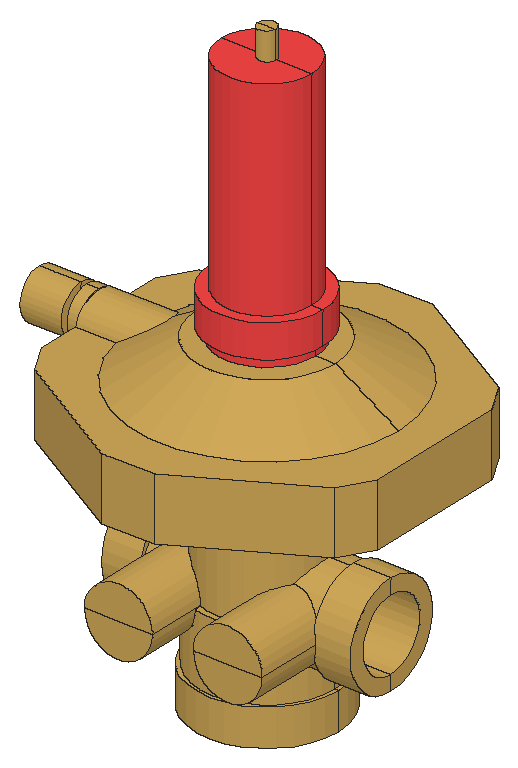
Revit family "Differential Pressure Control Valve 4202 45-80kPa", category Rohrzubehör, Revit 2018
Family settings
  Bemaßung runder Anschluss = Durchmesser verwenden
  Teiletyp = Unterbricht
  OmniClass-Nummer = 23.65.55.14
  OmniClass-Titel = Valves for Liquid Services
  Arbeitsebenenbasiert = Nein
  Immer vertikal = Ja
  Beim Laden mit Abzugskörper schneiden = Nein
  Gemeinsam genutzt = Nein
Parameters (values of type "without insulation")
  y2 [instance] = K14 + K9 + H01  # 49.149 mm
  y1 [instance] = (R03 * 2) + R05  # 66.000 mm
  Model = "The differential pressure controller is a straight-version linear controller and works without auxiliary power. The\r\nnominal differential pressure can be continuously adjusted from 450 to 800 mbar.\r\nThe value for the setting can be read from the diagram. The nominal set point is factory preset to a minimum. If\r\nnecessary, the nominal set point can be adjusted using the pre-setting key (1 4002 01). A capillary tube (1000 mm) is\r\nincluded and should be connected to the circuit regulating valve in the supply line."
  Min. operating temperature (anti freeze) = -20 °C  # constant formula
  Max. operating temperature up to DN32 = 130 °C  # constant formula
  Max. operating temperature from DN40 = 110 °C  # constant formula
  Max. operating pressure on the body = 400000.0 Pa  # constant formula
  Max. operating pressure = 2500000.0 Pa  # constant formula
  Valve shaft = "stainless steel 14301"  # constant formula
  URL = "www.herzvalves.com"
  SCRNSEQ = "ARM;ARM_TYP=\"DIFR\";2"
  SCRNCODE = "05;03;4"  # constant formula
  S06 [instance] = 1.000 mm  # constant formula
  S05 [instance] = S01 - 1.000 mm  # 16.250 mm
  S04 [instance] = S02 - 1.000 mm  # 18.000 mm
  S03 [instance] = size_lookup("4202 45-80kPa", "S03", 26.500 mm, Nennweite)  # 25.600 mm
  S02 [instance] = size_lookup("4202 45-80kPa", "S02", 19.000 mm, Nennweite)  # 19.000 mm
  S01 [instance] = size_lookup("4202 45-80kPa", "S01", 17.250 mm, Nennweite)  # 17.250 mm
  Regulator connection nut = "brass CW614N"  # constant formula
  Control range = "45 - 80kPa"  # constant formula
  R06 [instance] = size_lookup("4202 45-80kPa", "R06", 14.500 mm, Nennweite)  # 14.500 mm
  R05 [instance] = size_lookup("4202 45-80kPa", "R05", 46.000 mm, Nennweite)  # 46.000 mm
  R04 [instance] = size_lookup("4202 45-80kPa", "R04", 12.500 mm, Nennweite)  # 12.500 mm
  R03 [instance] = size_lookup("4202 45-80kPa", "R03", 10.000 mm, Nennweite)  # 10.000 mm
  R02 = 14.500 mm  # constant formula
  R01 [instance] = size_lookup("4202 45-80kPa", "R01", 12.500 mm, Nennweite)  # 12.500 mm
  Min. operating temperature (pure water) = 2 °C  # constant formula
  O-Rings = "EPDM"  # constant formula
  Nennweite [instance] = 15.000 mm
  Membrane body = "brass CW602N"  # constant formula
  Membrane = "EPDM"  # constant formula
  Medium = "Water purity in accordance with the ÖNORM H 5195 and VDI 2035 standards\r\nEthylene and propylene glycol can be mixed to a ratio of 25 - 50 vol. [%]"
  L2 [instance] = size_lookup("4202 45-80kPa", "L2", 161.000 mm, Nennweite)  # 161.000 mm
  L [instance] = size_lookup("4202 45-80kPa", "L", 66.000 mm, Nennweite)  # 66.000 mm
  K9 = 4.000 mm  # constant formula
  K8 = 55.000 mm  # constant formula
  K7 = 8.700 mm  # constant formula
  K6 = 11.700 mm  # constant formula
  K5 = 13.000 mm  # constant formula
  K4 = 12.000 mm  # constant formula
  K3 = 15.000 mm  # constant formula
  K2 = 2.350 mm  # constant formula
  K18 = 89.000 mm  # constant formula
  K17 = 66.700 mm  # constant formula
  K16 = 3.000 mm  # constant formula
  K15 = 26.649 mm  # constant formula
  K14 = 16.649 mm  # constant formula
  K13 = 16.649 mm  # constant formula
  K12 = 10.000 mm  # constant formula
  K11 = 35.000 mm  # constant formula
  K10 = 18.250 mm  # constant formula
  K1.1 = 2.350 mm  # constant formula
  K1 = 7.651 mm  # constant formula
  J9 = 15.700 mm  # constant formula
  J8 = 7.850 mm  # constant formula
  J7 = 15.897 mm  # constant formula
  J6 = 3.900 mm  # constant formula
  J5 = 6.500 mm  # constant formula
  J4 = 1.500 mm  # constant formula
  J3 = 3.200 mm  # constant formula
  J2 = 11.000 mm  # constant formula
  J11 = 3.500 mm  # constant formula
  J10 = 18.897 mm  # constant formula
  J1 = 6.500 mm  # constant formula
  Hersteller = "HERZ-Armaturen Ges.m.b.H"  # constant formula
  H2 [instance] = size_lookup("4202 45-80kPa", "H2", 28.000 mm, Nennweite)  # 28.000 mm
  H1 [instance] = K1 + K2 + K3 + K4 + K5 + K7 + K8 + K16 + 16.650 mm  # 133.351 mm
  H04 = 4.000 mm  # constant formula
  H03 = 9.800 mm  # constant formula
  H02 [instance] = size_lookup("4202 45-80kPa", "H02", 53.000 mm, Nennweite)  # 53.000 mm
  H01 [instance] = size_lookup("4202 45-80kPa", "H01", 25.000 mm, Nennweite)  # 28.500 mm
  Body = "DZR brass CC770S"  # constant formula
  G03 [instance] = size_lookup("4202 45-80kPa", "G03", 13.200 mm, Nennweite)  # 13.200 mm
  G02 [instance] = size_lookup("4202 45-80kPa", "G02", 9.500 mm, Nennweite)  # 9.500 mm
  G01 [instance] = size_lookup("4202 45-80kPa", "G01", 13.500 mm, Nennweite)  # 13.500 mm
  Adjusting spindle = "brass CW614N"  # constant formula
  Materials = "EPDM gaskets can be affected by Mineral oils lubricants and thus lead to failure of the EPDM seals. Please refer\r\nto manufacturers documentation when using ethylene glycol products for frost and corrosion protection"
  Dämmung = no
  Insulation shell = "EPP (expanded polypropylen)"  # constant formula
  Compression spring = "spring steel 14310 NS"  # constant formula
  DN50 [instance] = Nennweite = 50.000 mm  # no
  DN40 [instance] = Nennweite = 40.000 mm  # no
  DN32-40 [instance] = or(Nennweite = 32.000 mm, Nennweite = 40.000 mm)  # no
  DN32 [instance] = Nennweite = 32.000 mm  # no
  DN25,32,40 [instance] = or(Nennweite = 25.000 mm, Nennweite = 32.000 mm, Nennweite = 40.000 mm)  # no
  DN25 [instance] = Nennweite = 25.000 mm  # no
  DN20 [instance] = Nennweite = 20.000 mm  # no
  DN15-25 [instance] = or(Nennweite = 15.000 mm, Nennweite = 20.000 mm, Nennweite = 25.000 mm)  # yes
  DN15,20,50 [instance] = or(Nennweite = 15.000 mm, Nennweite = 20.000 mm, Nennweite = 50.000 mm)  # yes
  DN15 [instance] = Nennweite = 15.000 mm  # yes
  D07 [instance] = if(Nennweite = 15.000 mm, 32.500 mm, if(Nennweite = 20.000 mm, 33.500 mm, if(Nennweite = 25.000 mm, 33.500 mm, if(Nennweite = 32.000 mm, 49.500 mm, if(Nennweite = 40.000 mm, 59.500 mm, if(Nennweite = 50.000 mm, 59.500 mm, 0.000 mm))))))  # 32.500 mm
  D06 [instance] = if(Nennweite = 15.000 mm, 32.500 mm, if(Nennweite = 20.000 mm, 33.500 mm, if(Nennweite = 25.000 mm, 33.500 mm, if(Nennweite = 32.000 mm, 49.500 mm, if(Nennweite = 40.000 mm, 59.500 mm, if(Nennweite = 50.000 mm, 59.500 mm, 0.000 mm))))))  # 32.500 mm
  D05 [instance] = if(Nennweite = 15.000 mm, 36.750 mm, if(Nennweite = 20.000 mm, 40.700 mm, if(Nennweite = 25.000 mm, 49.200 mm, if(Nennweite = 32.000 mm, 54.150 mm, if(Nennweite = 40.000 mm, 60.750 mm, if(Nennweite = 50.000 mm, 72.700 mm, 0.000 mm))))))  # 36.750 mm
  D04 [instance] = if(Nennweite = 15.000 mm, 78.500 mm, if(Nennweite = 20.000 mm, 82.000 mm, if(Nennweite = 25.000 mm, 84.000 mm, if(Nennweite = 32.000 mm, 120.000 mm, if(Nennweite = 40.000 mm, 130.000 mm, if(Nennweite = 50.000 mm, 130.500 mm, 0.000 mm))))))  # 78.500 mm
  D03 [instance] = if(Nennweite = 15.000 mm, 96.000 mm, if(Nennweite = 20.000 mm, 110.000 mm, if(Nennweite = 25.000 mm, 112.000 mm, if(Nennweite = 32.000 mm, 152.000 mm, if(Nennweite = 40.000 mm, 170.000 mm, if(Nennweite = 50.000 mm, 179.000 mm, 0.000 mm))))))  # 96.000 mm
  D02 [instance] = size_lookup("4202 45-80kPa", "R05", 41.000 mm, Nennweite)  # 46.000 mm
  D01 [instance] = size_lookup("4202 45-80kPa", "G01", 13.220 mm, Nennweite)  # 13.500 mm
  Bestellnummer Dämmung [instance] = if(and(Dämmung, Nennweite = 15.000 mm), 1409611, if(and(Dämmung, Nennweite = 20.000 mm), 1409612, if(and(Dämmung, Nennweite = 25.000 mm), 1409613, if(and(Dämmung, Nennweite = 32.000 mm), 1409614, if(and(Dämmung, Nennweite = 40.000 mm), 1409615, if(and(Dämmung, Nennweite = 50.000 mm), 1409616, 0))))))  # 0
  Bestellnummer [instance] = if(Nennweite = 15.000 mm, 1420271, if(Nennweite = 20.000 mm, 1420272, if(Nennweite = 25.000 mm, 1420273, if(Nennweite = 32.000 mm, 1420274, if(Nennweite = 40.000 mm, 1420275, if(Nennweite = 50.000 mm, 1420276, 0))))))  # 1420271
  B2 [instance] = size_lookup("4202 45-80kPa", "B2", 31.000 mm, Nennweite)  # 31.000 mm
  B1 [instance] = size_lookup("4202 45-80kPa", "B1", 26.000 mm, Nennweite)  # 26.000 mm
  B04 = 100.649 mm  # constant formula
  B03 = 44.500 mm  # constant formula
  B02 = 104.688 mm  # constant formula
  B01 = 10.000 mm  # constant formula
  Indicator sleeve = "plastic (red)"  # constant formula
  Application = "Differential pressure controllers are used to stabilize the differential pressure in heating and cooling circuits and ensure the\r\nindependence of the loads from dynamic pressure fluctuations in the system."
  Connection nipple = "brass CW602N"  # constant formula
Types (3, lengths in mm): name | Medium | Materials | Dämmung | Bestellnummer Dämmung
  (no name) | "Water purity in accordance with the ÖNORM H 5195 and VDI 2035 standards\r\nEthylene and propylene glycol can be mixed to a ratio of 25 - 50 vol. [%]" | "EPDM gaskets can be affected by Mineral oils lubricants and thus lead to failure of the EPDM seals. Please refer\r\nto manufacturers documentation when using ethylene glycol products for frost and corrosion protection" | no | 0
  with insulation | "Water purity in accordance with the ÖNORM H 5195 and VDI 2035 standards.\r\nEthylene and propylene glycol can be mixed to a ratio of 25 - 50 vol. [%]" | "EPDM gaskets can be affected by mineral oil lubricants and thus lead to failure of the EPDM seals. Please refer\r\nto manufacturers documentation when using ethylene glycol products for frost and corrosion protection." | yes | 1409611
  without insulation | "Water purity in accordance with the ÖNORM H 5195 and VDI 2035 standards\r\nEthylene and propylene glycol can be mixed to a ratio of 25 - 50 vol. [%]" | "EPDM gaskets can be affected by Mineral oils lubricants and thus lead to failure of the EPDM seals. Please refer\r\nto manufacturers documentation when using ethylene glycol products for frost and corrosion protection" | no | 0
Reference planes
  plane 1 "Mitte (Vorne/hinten)": y = 0
  plane 2: z = 0
  plane 3 "Mitte (Links/rechts)": x = 0
Forms (mm)
  Revolve 1, solid, material "Messing, weicher Gelbton, geschweißt", detail levels fine
    sketch origin (0, 0, 0) x (1, 0, 0) y (0, 0, 1)
      loop
        line (-19.8, 0) -> (19.8, 0) -> (19.8, 9.5) -> (33, 9.5) -> (33, 13.5) -> (23, 13.5) -> (23, 12.5) -> (-23, 12.5) -> (-23, 13.5) -> (-33, 13.5) -> (-33, 9.5) -> (-19.8, 9.5) -> (-19.8, 0)
      axis (-33, 0) -> (33, 0)
    angle from 0 to 360
  Revolve 2, solid, material "Messing, weicher Gelbton, geschweißt", detail levels fine
    sketch origin (0, 0, 0) x (1, 0, 0) y (0, 0, 1)
      loop
        line (0, -28) -> (0, 0) -> (-18, 0) -> (-18, -18.2) -> (-19, -18.2) -> (-19, -28) -> (0, -28)
      axis (0, 0) -> (0, -28)
    angle from 0 to 360
  Extrusion 3, solid, material "Messing, weicher Gelbton, geschweißt", detail levels fine
    sketch origin (0, 0, 0) x (0, -1, 0) y (1, 0, 0)
      loop
        line (-46, -7.038) -> (-27.114, -39.75) -> (-18.886, -44.5) -> (18.886, -44.5) -> (27.114, -39.75) -> (46, -7.038) -> (46, 7.038) -> (27.114, 39.75) -> (18.886, 44.5) -> (-18.886, 44.5) -> (-27.114, 39.75) -> (-46, 7.038) -> (-46, -7.038)
    from 32.5 to 49.149
  Revolve 4, solid, material "Messing, weicher Gelbton, geschweißt", detail levels fine
    sketch origin (0, 0, -7.051) x (1, 0, 0) y (0, 0, 1)
      loop
        line (0, 56.2) -> (0, 66.2) -> (-18.25, 66.2) -> (-35, 56.2) -> (0, 56.2)
      axis (0, 66.2) -> (0, 56.2)
    angle from 0 to 360
  Revolve 5, solid, material "Messing, weicher Gelbton, geschweißt", visible <- "DN15-25", detail levels fine
    sketch origin (-11, 0, 0) x (1, 0, 0) y (0, 1, 0)
      loop
        line (-1.5, 26) -> (-9.2, 26) -> (-9.2, 0) -> (-1.5, 0) -> (-1.5, 26)
      axis (-1.5, 0) -> (-1.5, 26)
    angle from 0 to 360
  Revolve 6, solid, material "Messing, weicher Gelbton, geschweißt", visible <- "DN15,20,50", detail levels fine
    sketch origin (-0.988, 0, -6.853) x (-1, 0, 0) y (0, 0, 1)
      loop
        line (43.5, 55.25) -> (59.2, 55.25) -> (59.2, 61.75) -> (48.2, 61.75) -> (48.2, 59.15) -> (46.7, 59.15) -> (46.7, 61.75) -> (43.5, 61.75) -> (43.5, 55.25)
      axis (43.5, 55.25) -> (59.2, 55.25)
    angle from 0 to 360
  Extrusion 7, solid, material "Messing, weicher Gelbton, geschweißt", visible <- "DN15,20,50", detail levels fine
    sketch origin (0, 0, 0) x (0, 1, 0) y (0, 0, -1)
      loop
        line (7.85, -47.047) -> (7.85, -36) -> (-7.85, -36) -> (-7.85, -47.047)
        arc (-7.85, -47.047) -> (0, -54.897) -> (7.85, -47.047) r 7.85
    from 0 to 44.5
  Revolve 8, solid, material "Kunsstoff rot", detail levels fine
    sketch origin (0, 0, 0) x (1, 0, 0) y (0, 0, 1)
      loop
        line (-12, 125.849) -> (-12, 70.849) -> (-15, 70.849) -> (-15, 62.149) -> (-13, 62.149) -> (-13, 59.149) -> (0, 59.149) -> (0, 125.849) -> (-12, 125.849)
      axis (0, 125.849) -> (0, 59.149)
    angle from 0 to 360
  Revolve 9, solid, material "Messing, weicher Gelbton, geschweißt", visible <- "DN15-25", detail levels fine
    sketch origin (-2, 0, 0) x (1, 0, 0) y (0, 1, 0)
      loop
        line (-12.5, 0) -> (-21.5, 0) -> (-21.5, -31) -> (-12.5, -31) -> (-12.5, 0)
      axis (-12.5, 0) -> (-12.5, -31)
    angle from 0 to 360
  Revolve 10, solid, material "Messing, weicher Gelbton, geschweißt", visible <- "DN15-25", detail levels fine
    sketch origin (2, 0, 0) x (1, 0, 0) y (0, 1, 0)
      loop
        line (12.5, 0) -> (12.5, -31) -> (21.6, -31) -> (21.6, 0) -> (12.5, 0)
      axis (12.5, 0) -> (12.5, -31)
    angle from 0 to 360
  Extrusion 11, solid, material "Messing, weicher Gelbton, geschweißt", visible <- "DN32", detail levels fine
    sketch origin (-31.5, 0, 0) x (1, 0, 0) y (0, 1, 0)
      loop
        circle (63, 0) r 6.578
      loop
        circle (63, 0) r 3.28
    from -47 to 0
  Extrusion 12, solid, material "Messing, weicher Gelbton, geschweißt", visible <- "DN32", detail levels fine
    sketch origin (31.5, 0, 0) x (-1, 0, 0) y (0, -1, 0)
      loop
        circle (63, 0) r 6.578
      loop
        circle (63, 0) r 3.28
    from -47 to 0
  Revolve 13, solid, material "Messing, weicher Gelbton, geschweißt", detail levels fine
    sketch origin (0, 0, 0) x (1, 0, 0) y (0, 0, 1)
      loop
        line (-16.25, 0) -> (0, 0) -> (0, 32.5) -> (-12.25, 32.5) -> (-12.25, 28.5) -> (-17.25, 28.5) -> (-17.25, 18.7) -> (-16.25, 18.7) -> (-16.25, 0)
      axis (0, 32.5) -> (0, 0)
    angle from 0 to 360
  Extrusion 14, solid, material "Messing, weicher Gelbton, geschweißt", visible <- "DN40", detail levels fine
    sketch origin (29.382, 0, 0) x (-1, 0, 0) y (0, -1, 0)
      loop
        circle (63, 0) r 6.578
      loop
        circle (63, 0) r 3.28
    from -58 to 0
  Extrusion 15, solid, material "Messing, weicher Gelbton, geschweißt", visible <- "DN40", detail levels fine
    sketch origin (-29.455, 0, 0) x (1, 0, 0) y (0, 1, 0)
      loop
        circle (63, 0) r 6.578
      loop
        circle (63, 0) r 3.28
    from -58 to 0
  Extrusion 16, solid, material "Messing, weicher Gelbton, geschweißt", visible <- "DN50", detail levels fine
    sketch origin (28.422, 0, 0) x (-1, 0, 0) y (0, -1, 0)
      loop
        circle (63, 0) r 6.578
      loop
        circle (63, 0) r 3.28
    from -58 to 0
  Extrusion 17, solid, material "Messing, weicher Gelbton, geschweißt", visible <- "DN50", detail levels fine
    sketch origin (-28.422, 0, 0) x (1, 0, 0) y (0, 1, 0)
      loop
        circle (63, 0) r 6.578
      loop
        circle (63, 0) r 3.28
    from -58 to 0
  Revolve 18, solid, material "Messing, weicher Gelbton, geschweißt", detail levels fine
    sketch origin (0, 0, 0) x (1, 0, 0) y (0, 0, 1)
      loop
        line (-2.35, 125.349) -> (0, 125.349) -> (0, 133) -> (-2.35, 133) -> (-2.35, 125.349)
      axis (0, 133) -> (0, 125.349)
    angle from 0 to 360
  Revolve 19, solid, material "Messing, weicher Gelbton, geschweißt", visible <- "DN32-40", detail levels fine
    sketch origin (-11, 0, 0) x (1, 0, 0) y (0, 1, 0)
      loop
        line (-1.5, -26) -> (-1.5, 0) -> (-9.2, 0) -> (-9.2, -26) -> (-1.5, -26)
      axis (-1.5, 0) -> (-1.5, -26)
    angle from 0 to 360
  Revolve 20, solid, material "Messing, weicher Gelbton, geschweißt", visible <- "DN25,32,40", detail levels fine
    sketch origin (0.988, 0, 20.147) x (1, 0, 0) y (0, 0, 1)
      loop
        line (43.5, 28.25) -> (59.2, 28.25) -> (59.2, 34.75) -> (48.2, 34.75) -> (48.2, 32.15) -> (46.7, 32.15) -> (46.7, 34.75) -> (43.5, 34.75) -> (43.5, 28.25)
      axis (43.5, 28.25) -> (59.2, 28.25)
    angle from 0 to 360
  Extrusion 21, solid, material "Messing, weicher Gelbton, geschweißt", visible <- "DN25", detail levels fine
    sketch origin (0, 0, 0) x (0, 1, 0) y (0, 0, 1)
      loop
        arc (7.85, 48.047) -> (0, 55.897) -> (-7.85, 48.047) r 7.85
        line (-7.85, 48.047) -> (-7.85, 37) -> (7.85, 37) -> (7.85, 48.047)
    from 0 to 44.5
  Extrusion 22, solid, material "Messing, weicher Gelbton, geschweißt", visible <- "DN32", detail levels fine
    sketch origin (0, 0, 0) x (0, 1, 0) y (0, 0, 1)
      loop
        arc (7.85, 64.047) -> (0, 71.897) -> (-7.85, 64.047) r 7.85
        line (-7.85, 64.047) -> (-7.85, 53) -> (7.85, 53) -> (7.85, 64.047)
    from 0 to 44.5
  Extrusion 23, solid, material "Messing, weicher Gelbton, geschweißt", visible <- "DN40", detail levels fine
    sketch origin (0, 0, 0) x (0, 1, 0) y (0, 0, 1)
      loop
        arc (7.85, 74.047) -> (0, 81.897) -> (-7.85, 74.047) r 7.85
        line (-7.85, 74.047) -> (-7.85, 63) -> (7.85, 63) -> (7.85, 74.047)
    from 0 to 44.5
  Revolve 24, solid, material "Kunststoff-Anthrazit/Schwarz", visible <- "Dämmung"
    sketch origin (0, 0, 0) x (1, 0, 0) y (0, 0, 1)
      loop
        line (0, -46) -> (36.75, -46) -> (36.75, 32.5) -> (0, 32.5) -> (0, -46)
      axis (0, 32.5) -> (0, -46)
    angle from 0 to 360
  Revolve 25, solid, material "Kunststoff-Anthrazit/Schwarz", visible <- "Dämmung"
    sketch origin (0, 0, 0) x (1, 0, 0) y (0, 0, 1)
      loop
        line (48, 32.5) -> (-48, 32.5) -> (-48, 13.5) -> (-23, 13.5) -> (-23, 0) -> (0, 0) -> (23, 0) -> (23, 13.5) -> (48, 13.5) -> (48, 32.5)
      axis (-48, 0) -> (48, 0)
    angle from 0 to 360
Lines and regions (mm)
  model lines, detail levels coarse+medium
    curve 1: line (33, -13.5, 0) -> (33, 13.5, 0)
    curve 2: line (33, 13.5, 0) -> (-33, -13.5, 0)
    curve 3: line (-33, -13.5, 0) -> (-33, 13.5, 0)
    curve 4: line (-33, 13.5, 0) -> (33, -13.5, 0)
    curve 5: spline (-44.5, -40.824, 0) -> (-42.984, -38.67, 0) -> (-38.538, -36.662, 0) -> (-31.466, -34.938, 0) -> (-22.25, -33.615, 0) -> (-11.517, -32.784, 0) -> (0, -32.5, 0) -> (11.517, -32.784, 0) -> (22.25, -33.615, 0) -> (31.466, -34.938, 0) -> (38.538, -36.662, 0) -> (42.984, -38.67, 0) -> (44.5, -40.825, 0) -> (42.984, -42.979, 0) -> (38.538, -44.987, 0) -> (31.466, -46.711, 0) -> (22.25, -48.034, 0) -> (11.517, -48.865, 0) -> (0, -49.149, 0) -> (-11.517, -48.865, 0) -> (-22.25, -48.034, 0) -> (-31.466, -46.711, 0) -> (-38.538, -44.987, 0) -> (-42.984, -42.979, 0) -> (-44.5, -40.824, 0)
    curve 6: line (-33, 0, 13.5) -> (-33, 0, -13.5)
    curve 7: line (-33, 0, -13.5) -> (33, 0, 13.5)
    curve 8: line (33, 0, 13.5) -> (33, 0, -13.5)
    curve 9: line (33, 0, -13.5) -> (-33, 0, 13.5)
    curve 10: line (0, 0, 13.5) -> (0, 0, 32.5)
    curve 11: spline (-44.5, 0, 40.825) -> (-42.984, 0, 42.979) -> (-38.538, 0, 44.987) -> (-31.466, 0, 46.711) -> (-22.25, 0, 48.034) -> (-11.517, 0, 48.865) -> (0, 0, 49.149) -> (11.517, 0, 48.865) -> (22.25, 0, 48.034) -> (31.466, 0, 46.711) -> (38.538, 0, 44.987) -> (42.984, 0, 42.979) -> (44.5, 0, 40.824) -> (42.984, 0, 38.67) -> (38.538, 0, 36.662) -> (31.466, 0, 34.938) -> (22.25, 0, 33.615) -> (11.517, 0, 32.784) -> (0, 0, 32.5) -> (-11.517, 0, 32.784) -> (-22.25, 0, 33.615) -> (-31.466, 0, 34.938) -> (-38.538, 0, 36.662) -> (-42.984, 0, 38.67) -> (-44.5, 0, 40.825)
    curve 12: line (0, 0, 13.5) -> (16.5, 0, 6.75)
    curve 13: line (0, 0, 13.5) -> (-16.5, 0, 6.75)
    curve 14: line (33, 0, 0) -> (63, 0, 0)
    curve 15: line (-33, 0, 0) -> (-63, 0, 0)
    curve 16: line (0, -19, 0) -> (-16.5, -6.75, 0)
    curve 17: line (0, -19, 0) -> (16.5, -6.75, 0)
  model lines
    curve 18: line (0, -19, 0) -> (0, -32.5, 0)
Dimensions and locks
  "G01": Revolve 1 sketch curve to Revolve 1 sketch curve  (x2)
  "R01": Revolve 1 sketch curve to Revolve 1 sketch curve
  "R03": Revolve 1 sketch curve to Revolve 1 sketch curve  (x2)
  "K10": Revolve 4 sketch curve to Revolve 4 sketch curve
  "K11": Revolve 4 sketch curve to Revolve 4 sketch curve
  "B1": Revolve 5 sketch curve to Revolve 5 sketch curve
  "J1": Revolve 6 sketch curve to Revolve 6 sketch curve
  "J3": Revolve 6 sketch curve to Revolve 6 sketch curve
  "J4": Revolve 6 sketch curve to Revolve 6 sketch curve
  "J2": Revolve 6 sketch curve to Revolve 6 sketch curve
  "J5": Revolve 6 sketch curve to Revolve 6 sketch curve
  "J6": Revolve 6 sketch curve to Revolve 6 sketch curve
  "H2": plane 2 to Revolve 2 sketch curve
  "H03": Revolve 2 sketch curve to Revolve 2 sketch curve
  "S02": plane 3 "Mitte (Links/rechts)" to Revolve 2 sketch curve
  "B02": Revolve 6 to Extrusion 3
  "B03": Extrusion 3 to plane 3 "Mitte (Links/rechts)"
  "R04": Revolve 5 sketch curve to plane 3 "Mitte (Links/rechts)"
  "K4": Revolve 8 sketch curve to Revolve 8 sketch curve
  "K3": Revolve 8 sketch curve to Revolve 8 sketch curve
  "K7": Revolve 8 sketch curve to Revolve 8 sketch curve
  "K5": Revolve 8 sketch curve to Revolve 8 sketch curve
  "K8": Revolve 8 sketch curve to Revolve 8 sketch curve
  "K12": Revolve 4 sketch curve to Revolve 4 sketch curve
  "K13": Revolve 4 sketch curve to Extrusion 3
  "K14": Extrusion 3 to Extrusion 3
  "K16": Revolve 8 sketch curve to Revolve 8 sketch curve
  "K15": Revolve 8 to Extrusion 3
  "R05": Revolve 1 sketch curve to Revolve 1 sketch curve
  equal spacing: Revolve 1 sketch curve, plane 3 "Mitte (Links/rechts)", Revolve 1 sketch curve
  "B2": plane 1 "Mitte (Vorne/hinten)" to Revolve 9 sketch curve
  "B2": Revolve 10 sketch curve to plane 1 "Mitte (Vorne/hinten)"
  "R06": Revolve 9 sketch curve to plane 3 "Mitte (Links/rechts)"
  "R06": plane 3 "Mitte (Links/rechts)" to Revolve 10 sketch curve
  "S01": Revolve 13 sketch curve to plane 3 "Mitte (Links/rechts)"
  "S05": plane 3 "Mitte (Links/rechts)" to Revolve 13 sketch curve
  "H04": Revolve 13 sketch curve to Revolve 13 sketch curve
  "H03": Revolve 13 sketch curve to Revolve 13 sketch curve
  "H01": Revolve 13 sketch curve to plane 2
  "K9": Extrusion 3 to Revolve 13
  "S06": Revolve 2 sketch curve to Revolve 2 sketch curve
  "J7": Revolve 6 sketch curve to Extrusion 3
  "J9": Extrusion 7 sketch curve to Extrusion 7 sketch curve
  "J10": Revolve 6 to Extrusion 7 sketch curve
  "J11": Extrusion 7 sketch curve to Extrusion 3
  equal spacing: curve 6, curve 5, curve 8
  "K18": Extrusion 3 to Extrusion 3
  "G01": curve 9 to plane 2
  "G01": plane 2 to curve 7
  "G01": curve 8 to plane 2
  "G01": plane 2 to curve 9
  "K18": curve 11 to curve 11
  "G01": curve 13 to plane 2
  "K14": curve 11 to curve 11
  "y2": curve 11 to plane 2
  "G01": plane 1 "Mitte (Vorne/hinten)" to curve 4
  "G01": curve 3 to plane 1 "Mitte (Vorne/hinten)"
  equal spacing: curve 3, curve 11, curve 1
  equal spacing: curve 3, curve 17, curve 1
  "y1": curve 3 to curve 1
  "G01": plane 1 "Mitte (Vorne/hinten)" to curve 2
  "G01": curve 4 to plane 1 "Mitte (Vorne/hinten)"
  "K18": curve 5 to curve 5
  "K14": curve 5 to curve 5
  "y2": curve 5 to plane 1 "Mitte (Vorne/hinten)"
  "K1.1": plane 3 "Mitte (Links/rechts)" to Revolve 18 sketch curve
  "B1": Revolve 19 sketch curve to Revolve 19 sketch curve
  "R04": Revolve 19 sketch curve to plane 3 "Mitte (Links/rechts)"
  "G02": Revolve 1 sketch curve to plane 2  (x2)
  "G03": Revolve 1 sketch curve to Revolve 1 sketch curve  (x2)
  Revolve 1 sketch curve to Revolve 1 sketch curve = 66.000 mm
  Revolve 1 to Revolve 1 = 66.000 mm
  "L2": Revolve 18 to Revolve 2
  "J1": Revolve 20 sketch curve to Revolve 20 sketch curve
  "J3": Revolve 20 sketch curve to Revolve 20 sketch curve
  "J4": Revolve 20 sketch curve to Revolve 20 sketch curve
  "J2": Revolve 20 sketch curve to Revolve 20 sketch curve
  "J5": Revolve 20 sketch curve to Revolve 20 sketch curve
  "J6": Revolve 20 sketch curve to Revolve 20 sketch curve
  "J7": Revolve 20 sketch curve to Extrusion 3
  "J9": Extrusion 21 sketch curve to Extrusion 21 sketch curve
  "J9": Extrusion 22 sketch curve to Extrusion 22 sketch curve
  "J9": Extrusion 23 sketch curve to Extrusion 23 sketch curve
  "L": curve 6 to curve 8
  equal spacing: Revolve 1, curve 13, plane 3 "Mitte (Links/rechts)"
  equal spacing: plane 3 "Mitte (Links/rechts)", curve 12, Revolve 1
  equal spacing: curve 3, curve 16, plane 3 "Mitte (Links/rechts)"
  equal spacing: plane 3 "Mitte (Links/rechts)", curve 17, curve 1
  "D06": Revolve 24 sketch curve to plane 2
  "D05": Revolve 24 sketch curve to Revolve 24 sketch curve
  "D04": Revolve 24 sketch curve to Revolve 24 sketch curve
  "D07": Revolve 25 sketch curve to plane 2
  "D01": Revolve 25 sketch curve to plane 2  (x2)
  "D03": Revolve 25 sketch curve to Revolve 25 sketch curve
  "D02": Revolve 25 sketch curve to Revolve 25 sketch curve
  equal spacing: Revolve 25 sketch curve, plane 3 "Mitte (Links/rechts)", Revolve 25 sketch curve  (x2)
  "J8": radius of Extrusion 7 sketch curve
  "J8": radius of Extrusion 21 sketch curve
  "J8": radius of Extrusion 22 sketch curve
  "J8": radius of Extrusion 23 sketch curve
  aligned and locked: level to plane 2
Automatic sketch dimensions
  plane 3 "Mitte (Links/rechts)" to Extrusion 3 sketch curve = 7.038 mm  (x2)
  Extrusion 3 sketch curve to plane 1 "Mitte (Vorne/hinten)" = 46.000 mm
  Extrusion 3 sketch curve to plane 1 "Mitte (Vorne/hinten)" = 27.114 mm  (x2)
  Extrusion 3 sketch curve to Extrusion 3 sketch curve = 8.227 mm  (x4)
  plane 1 "Mitte (Vorne/hinten)" to Extrusion 3 sketch curve = 18.886 mm  (x2)
  Extrusion 3 sketch curve to Extrusion 3 sketch curve = 18.886 mm
  Extrusion 3 sketch curve to plane 3 "Mitte (Links/rechts)" = 7.038 mm  (x2)
  Extrusion 3 sketch curve to Extrusion 3 sketch curve = 32.712 mm  (x4)
  Extrusion 3 sketch curve to Extrusion 3 sketch curve = 4.750 mm  (x2)
  Extrusion 11 sketch curve to Extrusion 11 sketch curve = 0.000 mm  (x2)
  plane 1 "Mitte (Vorne/hinten)" to Extrusion 11 sketch curve = 0.000 mm
  plane 3 "Mitte (Links/rechts)" to Extrusion 11 sketch curve = 31.500 mm
  Extrusion 12 sketch curve to Extrusion 12 sketch curve = 0.000 mm  (x2)
  plane 1 "Mitte (Vorne/hinten)" to Extrusion 12 sketch curve = 0.000 mm
  plane 3 "Mitte (Links/rechts)" to Extrusion 12 sketch curve = 31.500 mm
  Extrusion 14 sketch curve to Extrusion 14 sketch curve = 0.000 mm  (x2)
  plane 1 "Mitte (Vorne/hinten)" to Extrusion 14 sketch curve = 0.000 mm
  plane 3 "Mitte (Links/rechts)" to Extrusion 14 sketch curve = 33.618 mm
  Extrusion 15 sketch curve to Extrusion 15 sketch curve = 0.000 mm  (x2)
  plane 1 "Mitte (Vorne/hinten)" to Extrusion 15 sketch curve = 0.000 mm
  plane 3 "Mitte (Links/rechts)" to Extrusion 15 sketch curve = 33.545 mm
  Extrusion 16 sketch curve to Extrusion 16 sketch curve = 0.000 mm  (x2)
  plane 1 "Mitte (Vorne/hinten)" to Extrusion 16 sketch curve = 0.000 mm
  plane 3 "Mitte (Links/rechts)" to Extrusion 16 sketch curve = 34.578 mm
  Extrusion 17 sketch curve to Extrusion 17 sketch curve = 0.000 mm  (x2)
  plane 1 "Mitte (Vorne/hinten)" to Extrusion 17 sketch curve = 0.000 mm
  plane 3 "Mitte (Links/rechts)" to Extrusion 17 sketch curve = 34.578 mm
  curve 15 to level = 0.000 mm
  curve 10 to plane 3 "Mitte (Links/rechts)" = 0.000 mm
  curve 11 to plane 3 "Mitte (Links/rechts)" = 0.000 mm
  curve 14 to level = 0.000 mm
  curve 15 to curve 15 = 30.000 mm
  curve 14 to curve 14 = 30.000 mm
  curve 18 to plane 3 "Mitte (Links/rechts)" = 0.000 mm
  curve 5 to plane 3 "Mitte (Links/rechts)" = 0.000 mm
  curve 18 to curve 17 = 13.500 mm
  Revolve 1 sketch curve to level = 0.000 mm  (x2)
  Revolve 1 sketch curve to Revolve 1 sketch curve = 1473.530 mm
  Revolve 1 sketch curve to Revolve 1 sketch curve = 1806.148 mm
  Revolve 2 sketch curve to level = 0.000 mm
  Revolve 2 sketch curve to plane 3 "Mitte (Links/rechts)" = 0.000 mm  (x2)
  Revolve 2 sketch curve to Revolve 2 sketch curve = 1.000 mm
  Revolve 2 sketch curve to Revolve 2 sketch curve = 334.045 mm
  level to Revolve 2 sketch curve = 2218.015 mm
  Revolve 4 sketch curve to plane 3 "Mitte (Links/rechts)" = 0.000 mm  (x2)
  Revolve 4 sketch curve to level = 373.096 mm
  Revolve 4 sketch curve to Revolve 4 sketch curve = 2155.315 mm
  plane 1 "Mitte (Vorne/hinten)" to Revolve 5 sketch curve = 0.000 mm  (x2)
  Revolve 5 sketch curve to Revolve 5 sketch curve = 0.000 mm  (x2)
  Revolve 5 sketch curve to Revolve 5 sketch curve = 7.700 mm
  plane 3 "Mitte (Links/rechts)" to Revolve 6 sketch curve = 44.488 mm
  Revolve 6 sketch curve to Revolve 6 sketch curve = 0.000 mm  (x3)
  Extrusion 7 sketch curve to plane 1 "Mitte (Vorne/hinten)" = 0.000 mm
  Extrusion 7 sketch curve to Extrusion 7 sketch curve = 11.047 mm
  Extrusion 7 sketch curve to Extrusion 7 sketch curve = 0.000 mm
  Revolve 8 sketch curve to plane 3 "Mitte (Links/rechts)" = 0.000 mm  (x2)
  level to Revolve 8 sketch curve = 59.149 mm
  Revolve 8 sketch curve to Revolve 8 sketch curve = 0.000 mm  (x2)
  plane 1 "Mitte (Vorne/hinten)" to Revolve 9 sketch curve = 0.000 mm  (x2)
  Revolve 9 sketch curve to Revolve 9 sketch curve = 9.000 mm
  Revolve 9 sketch curve to Revolve 9 sketch curve = 0.000 mm  (x2)
  plane 1 "Mitte (Vorne/hinten)" to Revolve 10 sketch curve = 0.000 mm  (x2)
  Revolve 10 sketch curve to Revolve 10 sketch curve = 9.100 mm
  Revolve 10 sketch curve to Revolve 10 sketch curve = 0.000 mm  (x2)
  Revolve 13 sketch curve to level = 0.000 mm  (x2)
  Revolve 13 sketch curve to plane 3 "Mitte (Links/rechts)" = 0.000 mm  (x2)
  Revolve 13 sketch curve to Revolve 13 sketch curve = 5.000 mm
  Revolve 13 sketch curve to Revolve 13 sketch curve = 0.000 mm
  Revolve 18 sketch curve to plane 3 "Mitte (Links/rechts)" = 0.000 mm  (x2)
  level to Revolve 18 sketch curve = 125.349 mm
  Revolve 18 sketch curve to Revolve 18 sketch curve = 7.651 mm
  Revolve 18 sketch curve to Revolve 18 sketch curve = 0.000 mm  (x2)
  plane 1 "Mitte (Vorne/hinten)" to Revolve 19 sketch curve = 0.000 mm  (x2)
  Revolve 19 sketch curve to Revolve 19 sketch curve = 7.700 mm
  Revolve 19 sketch curve to Revolve 19 sketch curve = 0.000 mm  (x2)
  plane 3 "Mitte (Links/rechts)" to Revolve 20 sketch curve = 44.488 mm
  Revolve 20 sketch curve to Revolve 20 sketch curve = 0.000 mm  (x3)
  Extrusion 21 sketch curve to plane 1 "Mitte (Vorne/hinten)" = 0.000 mm
  level to Extrusion 21 sketch curve = 37.000 mm
  Extrusion 21 sketch curve to Extrusion 21 sketch curve = 11.047 mm
  Extrusion 21 sketch curve to Extrusion 21 sketch curve = 0.000 mm
  Extrusion 22 sketch curve to plane 1 "Mitte (Vorne/hinten)" = 0.000 mm
  level to Extrusion 22 sketch curve = 53.000 mm
  Extrusion 22 sketch curve to Extrusion 22 sketch curve = 11.047 mm
  Extrusion 22 sketch curve to Extrusion 22 sketch curve = 0.000 mm
  Extrusion 23 sketch curve to plane 1 "Mitte (Vorne/hinten)" = 0.000 mm
  level to Extrusion 23 sketch curve = 63.000 mm
  Extrusion 23 sketch curve to Extrusion 23 sketch curve = 11.047 mm
  Extrusion 23 sketch curve to Extrusion 23 sketch curve = 0.000 mm
  Revolve 24 sketch curve to plane 3 "Mitte (Links/rechts)" = 0.000 mm  (x2)
  Revolve 24 sketch curve to Revolve 24 sketch curve = 15.454 mm
  Revolve 24 sketch curve to Revolve 24 sketch curve = 0.000 mm
  Revolve 25 sketch curve to level = 0.000 mm  (x2)
  Revolve 25 sketch curve to plane 3 "Mitte (Links/rechts)" = 0.000 mm
  Revolve 25 sketch curve to Revolve 25 sketch curve = 0.000 mm  (x2)
  radius of Extrusion 11 sketch curve = 6.578 mm
  radius of Extrusion 11 sketch curve = 3.280 mm
  radius of Extrusion 12 sketch curve = 6.578 mm
  radius of Extrusion 12 sketch curve = 3.280 mm
  radius of Extrusion 14 sketch curve = 6.578 mm
  radius of Extrusion 14 sketch curve = 3.280 mm
  radius of Extrusion 15 sketch curve = 6.578 mm
  radius of Extrusion 15 sketch curve = 3.280 mm
  radius of Extrusion 16 sketch curve = 6.578 mm
  radius of Extrusion 16 sketch curve = 3.280 mm
  radius of Extrusion 17 sketch curve = 6.578 mm
  radius of Extrusion 17 sketch curve = 3.280 mm
Nested families
  nested 1: "Herz-Logo-vorne" at (-0.018, 17.815, -12.904) x (0, -1, 0) z (0, 0, 1), type "Herz-Logo-vorne", detail levels fine
  nested 2: "Herz-Logo-vorne" at (-0.018, 24.058, 0) x (0, -1, 0) z (0, 0, 1), visible <- "DN32", type "Herz-Logo-vorne", detail levels fine
  nested 3: "Herz-Logo-vorne" at (-0.018, 33.471, 0) x (0, -1, 0) z (0, 0, 1), visible <- "DN50", type "Herz-Logo-vorne", detail levels fine
  nested 4: "Herz-Logo-vorne" at (-0.018, 26.482, 0) x (0, -1, 0) z (0, 0, 1), visible <- "DN40", type "Herz-Logo-vorne", detail levels fine
Connectors
  piping at (33, 0, 0), diameter 15, driven by "Nennweite"
    settings: on Revolve 1, index 1, connector inside diameter 609.6 mm, connector length 0.000 mm, flow factor 0, pipe flow 0.0 L/s, pressure drop 0.0 Pa, fitting loss kfactor 0, connector angle 0.00°, fixture units 0, engagement length 0.000 mm, angle of deflection 0.00°, flow configuration 0, flow direction 2, fitting loss method 0, system type 29, joint type 0, gender type 0, connector reference index -1, connector utility 0, adjustable connector no, is connector primary yes, connector description ""
  piping at (-33, 0, 0), diameter 15, driven by "Nennweite"
    settings: on Revolve 1, index 2, connector inside diameter 609.6 mm, connector length 0.000 mm, flow factor 0, pipe flow 0.0 L/s, pressure drop 0.0 Pa, fitting loss kfactor 0, connector angle 0.00°, fixture units 0, engagement length 0.000 mm, angle of deflection 0.00°, flow configuration 0, flow direction 1, fitting loss method 0, system type 7, joint type 0, gender type 0, connector reference index -1, connector utility 0, adjustable connector no, is connector primary no, connector description ""
Definition of nested family "Herz-Logo-vorne"
  Reference planes
    plane 1 "Mitte (Vorne/hinten)": y = 0
    plane 2: z = 0
    plane 3 "Mitte (Links/rechts)": x = 0
  Forms (mm)
    Extrusion 1, solid
      sketch origin (0.732, -0.018, 0.017) x (0, -1, 0) y (0, 0, 1)
        loop
          line (-0.018, -4.517) -> (4.482, -4.517) -> (4.482, 4.483) -> (-4.518, 4.483) -> (-4.518, -4.517) -> (-0.018, -4.517)
        loop
          line (-0.05, -3.48) -> (3.482, -3.48) -> (3.482, 3.483) -> (-3.518, 3.483) -> (-3.518, -3.48) -> (-0.05, -3.48)
        loop
          arc (-0.018, 2.383) -> (-1.543, 3.287) -> (-3.067, 2.383) r 1.738
          arc (-3.067, 2.383) -> (-3.191, 1.899) -> (-3.067, 1.415) r 1.009
          line (-3.067, 1.415) -> (-0.018, -3.281) -> (3.032, 1.415)
          arc (3.032, 1.415) -> (3.156, 1.899) -> (3.032, 2.383) r 1.009
          arc (3.032, 2.383) -> (1.507, 3.287) -> (-0.018, 2.383) r 1.738
        loop
          arc (1.885, 1.272) -> (2.005, 1.675) -> (1.885, 2.079) r 0.74
          arc (1.885, 2.079) -> (1.265, 2.416) -> (0.644, 2.079) r 0.74
          line (0.644, 2.079) -> (-0.018, 0.97) -> (-0.679, 2.079)
          arc (-0.679, 2.079) -> (-1.3, 2.416) -> (-1.921, 2.079) r 0.74
          arc (-1.921, 2.079) -> (-2.04, 1.675) -> (-1.921, 1.272) r 0.74
          line (-1.921, 1.272) -> (-0.018, -1.658) -> (1.885, 1.272)
      from 0 to 1.5
  Dimensions and locks
    aligned and locked: level to plane 2
